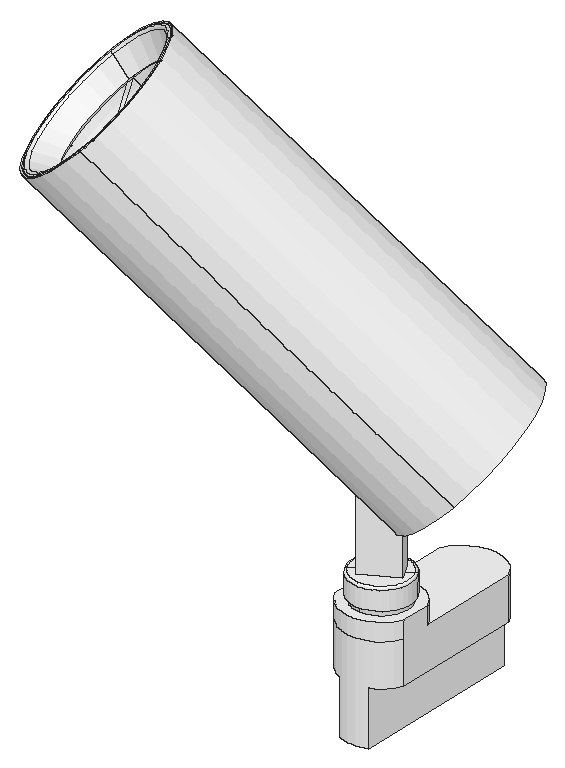
Revit family "0005430 Sylvania Lighting Fixture START Track Spot Integral 940 MB WB WHT", category Lighting Fixtures, host Face, Revit 2017
Family settings
  Host = Face
  Round Connector Dimension = Use Diameter
  Part Type = Normal
  OmniClass Number = 23.80.70.00
  OmniClass Title = Lighting
  Cut with Voids When Loaded = No
  Light Source = No
  Shared = No
  Room Calculation Point = No
Parameters (values of type "0005430 ST TRK SPT INTGRL 3000LM 940 MB WHT")
  Weight = "7.04 kg"
  Wattage Comments = ""
  WarrantyStartDate [instance] = "n/a"
  WarrantyGuarantorParts = "n/a"
  WarrantyDurationUnit = "n/a"
  WarrantyDurationParts = "n/a"
  WarrantyDescription = "n/a"
  Voltage = 230 V
  VerticalRotation_SYL [instance] = 60.00°
  VerticalEndAngle_SYL [instance] = VerticalRotation_SYL - 180.00°  # -120.00°
  URL = "http://www.sylvania-lighting.com"
  TypeName = "START Track Spot Integral 3000lm 940 MB WB WHT"
  TypeHead_SYL = START Track Spot Integral Head : 0005430 ST TRK SPT INTGRL 3000LM 940 MB WHT
  TypeArm_SYL = START Track Spot Integral Arm : START Track Spot Integral WH
  Type Image = <None>
  Type Comments = "n/a"
  SerialNumber [instance] = "n/a"
  Material_3_SYL = none
  PowerFactor = 0
  PowerConsumption = "33 W"
  NominalLength = 0 mm
  NominalHeight = 0 mm
  NominalDepth = 0 mm
  Name = "START Track Spot Integral 3000lm 940 MB WB WHT"
  ModelReference = Name  # "START Track Spot Integral 3000lm 940 MB WB WHT"
  ModelNumber = "0005430"
  Model = Name  # "START Track Spot Integral 3000lm 940 MB WB WHT"
  Material = "n/a"
  ManufacturerName = "Feilo Sylvania"
  Manufacturer = "Feilo Sylvania"
  LuminousEfficacy = "81.81 lm/W"
  LuminaireType = ""
  LightOutputRatio = "n/a"
  LampsType = Lamp  # "LED"
  LampNominalLuminous = "3000 lm"
  LampMacAdamStep = "3"
  LampColourTemperature = "4000"
  LampColourRenderingIndex = "90"
  Lamp = "LED"
  Keynote = "16500"
  InstallationDate [instance] = "n/a"
  InputVoltage = "220-240V~"
  InputNominalFrequency = "50/60 Hz"
  IngressProtection = "IP20"
  ImpactProtectionIndex = "IK03"
  IfcExportType = "IfcLightFixtureType"
  IfcExportAs = "IfcLightFixtureType"
  HorizontalRotation_SYL [instance] = 45.00°
  ExpectedLife = 50000
  ElectricShockClassification = "Class I"
  DurationUnit = "hours"
  DocumentationLiterature = "http://www.sylvania-lighting.com/product/en-int/products/0005430"
  DimmingControlOptions = "Non dimmable"
  Material_2_SYL = Spacer-Sylvania-StartTrackSpot-Aluminium
  Description = ""
  Default Elevation = 1219.2 mm
  CreatedOn = "9/6/2018"
  CreatedBy = ""
  Cost = 0
  built-in parameter 1114216 [instance] = (empty or 0)
  ClassificationValue = "EF_70_80"
  ClassificationName = "Uniclass2015"
  Material_1_SYL = Body-Sylvania-StartTrackSpot-White
  BarCode [instance] = "n/a"
  AssetType = "Fixed"
  AssetIdentifier [instance] = "n/a"
  Assembly Code = "D5020200"
  Apparent Load = 33 VA
  Material_4_SYL = none
Types (2, lengths in mm): name | TypeName | TypeHead_SYL | Name | ModelReference | Model | LuminousEfficacy | LampNominalLuminous
  0005430 ST TRK SPT INTGRL 3000LM 940 MB WHT | "START Track Spot Integral 3000lm 940 MB WB WHT" | START Track Spot Integral Head : 0005430 ST TRK SPT INTGRL 3000LM 940 MB WHT | "START Track Spot Integral 3000lm 940 MB WB WHT" | "START Track Spot Integral 3000lm 940 MB WB WHT" | "START Track Spot Integral 3000lm 940 MB WB WHT" | "81.81 lm/W" | "3000 lm"
  0005430 ST TRK SPT INTGRL 3100LM 940 WB WHT | "START Track Spot Integral 3100lm 940 MB WB WHT" | START Track Spot Integral Head : 0005430 ST TRK SPT INTGRL 3100LM 940 WB WHT | "START Track Spot Integral 3100lm 940 MB WB WHT" | "START Track Spot Integral 3100lm 940 MB WB WHT" | "START Track Spot Integral 3100lm 940 MB WB WHT" | "84.84 lm/W" | "3100 lm"
Reference planes
  plane 1 "Center (Front/Back)": y = 0
  plane 2: z = 0
  plane 3 "Center (Left/Right)": x = 0
  plane 4: x = 16.6
  plane 5: x = -16.6
  plane 6: x = 7
  plane 7: x = -7
  plane 8: x = -12.8
  plane 9: y = 42
  plane 10: y = 42
  plane 11: y = -42
  plane 12: y = 31.4
  plane 13: y = -31.4
  plane 14: z = -26
  plane 15: z = 20.3
  plane 16: z = 28.5
  plane 17: z = 31.2
  plane 18: y = -17.4
  plane 19: y = -6.8
  plane 20: y = -24.4
Forms (mm)
  Extrusion 1, solid, material "Body-Sylvania-StartTrackSpot-White" <- "Material_1_SYL"
    sketch origin (0, 0, 0) x (1, 0, 0) y (0, 1, 0)
      loop
        line (-16.6, 31.4) -> (-16.6, -31.4)
        arc (-16.6, -31.4) -> (0, -42) -> (16.6, -31.4) r 18.298
        line (16.6, -31.4) -> (16.6, 31.4)
        arc (16.6, 31.4) -> (0, 42) -> (-16.6, 31.4) r 18.298
    from -26 to 20.3
  Extrusion 2, void
    sketch origin (0, 0, 0) x (1, 0, 0) y (0, 1, 0)
      loop
        arc (-7, 40.608) -> (-12.666, 36.907) -> (-16.6, 31.4) r 18.298
        line (-16.6, 31.4) -> (-16.6, -31.4)
        arc (-16.6, -31.4) -> (-12.666, -36.907) -> (-7, -40.608) r 18.298
        line (-7, -40.608) -> (-7, 40.608)
      loop
        line (16.6, -31.4) -> (16.6, 31.4)
        arc (16.6, 31.4) -> (12.666, 36.907) -> (7, 40.608) r 18.298
        line (7, 40.608) -> (7, -40.608)
        arc (7, -40.608) -> (12.666, -36.907) -> (16.6, -31.4) r 18.298
    from 0 to -26
  Extrusion 3, solid, material "Body-Sylvania-StartTrackSpot-White" <- "Material_1_SYL"
    sketch origin (1223.4, -4572, 20.3) x (0, -1, 0) y (-1, 0, 0)
      loop
        line (-4540.6, 1240) -> (-4554.6, 1240)
        arc (-4554.6, 1240) -> (-4565.2, 1223.4) -> (-4554.6, 1206.8) r 18.298
        line (-4554.6, 1206.8) -> (-4540.6, 1206.8)
        arc (-4540.6, 1206.8) -> (-4530, 1223.4) -> (-4540.6, 1240) r 18.298
    from -8.2 to 0
  Extrusion 4, solid, material "Spacer-Sylvania-StartTrackSpot-Aluminium" <- "Material_2_SYL"
    sketch origin (1223.4, -4572, 28.5) x (0, -1, 0) y (-1, 0, 0)
      loop
        circle (-4547.6, 1223.4) r 12.7
    from 0 to -2.7
  Revolve 5, solid, not visible
    sketch origin (1524, -24.4, 1219.2) x (1, 0, 0) y (0, 0, 1)
      loop
        line (-1524, -1188) -> (-1524, -1168.735) -> (-1531, -1168.735) -> (-1531, -1188) -> (-1524, -1188)
      axis (-1524, -1168.735) -> (-1524, -1188)
    angle from 60 <- "VerticalRotation_SYL" to -120 <- "VerticalEndAngle_SYL"
Cuts and joins
  Extrusion 2 cuts Extrusion 1
  joined: Extrusion 1, Extrusion 3
Lines and regions (mm)
  reference lines
    curve 1: circle (0, -24.4, 0) r 12.7 normal (0, 0, 1)
    curve 2: arc (-16.6, -31.4, 0) -> (0, -42, 0) -> (16.6, -31.4, 0) r 18.298
    curve 3: arc (-16.6, -17.4, 0) -> (0, -6.8, 0) -> (16.6, -17.4, 0) r 18.298
    curve 4: arc (-16.6, 31.4, 0) -> (0, 42, 0) -> (16.6, 31.4, 0) r 18.298
Dimensions and locks
  plane 6 to plane 3 "Center (Left/Right)" to plane 7 = 7 mm locked, 7 mm locked
  plane 4 to plane 3 "Center (Left/Right)" to plane 5 = 16.6 mm locked, 16.6 mm locked
  locked: plane 3 "Center (Left/Right)" to plane 8 at 12.8
  plane 11 to plane 1 "Center (Front/Back)" to plane 10 = 42 mm locked, 42 mm locked
  plane 13 to plane 1 "Center (Front/Back)" to plane 12 = 31.4 mm locked, 31.4 mm locked
  locked: plane 2 to plane 14 at 26
  locked: plane 15 to plane 2 at 20.3
  plane 17 to plane 16 to plane 15 = 2.7 mm locked, 8.2 mm locked
  locked: plane 13 to plane 18 at 14
  locked: plane 18 to plane 19 at 10.6
  equal spacing: plane 13, plane 20, plane 18
  locked: plane 20 to curve 2 at 0.698
  locked: curve 3 to plane 20 at 0.698
  aligned and locked: plane 2 to host face
  aligned and locked: level to host face
  aligned and locked: plane 3 "Center (Left/Right)" to curve 1
  aligned and locked: plane 20 to curve 1
  aligned and locked: plane 13 to curve 2  (x2)
  aligned and locked: plane 18 to curve 3  (x2)
  aligned and locked: plane 12 to curve 4  (x2)
  aligned and locked: plane 4 to curve 4
  aligned and locked: plane 3 "Center (Left/Right)" to curve 4
  aligned and locked: plane 5 to curve 2
  aligned and locked: plane 5 to curve 3
  aligned and locked: plane 4 to curve 3
  aligned and locked: plane 4 to curve 2
  aligned and locked: plane 12 to Extrusion 1 sketch curve
  aligned and locked: plane 13 to Extrusion 1 sketch curve
  aligned and locked: Extrusion 1 sketch curve to curve 4
  aligned and locked: Extrusion 1 sketch curve to curve 2
  aligned and locked: Extrusion 1 to plane 15
  aligned and locked: plane 14 to Extrusion 1
  aligned and locked: Extrusion 2 sketch curve to Extrusion 1  (x5)
  aligned and locked: Extrusion 2 sketch curve to plane 7
  aligned and locked: plane 14 to Extrusion 2
  aligned and locked: level to Extrusion 2
  aligned and locked: Extrusion 3 sketch curve to cut or joined group of Extrusion 1, Extrusion 2, Extrusion 3  (x2)
  aligned and locked: Extrusion 3 sketch curve to curve 3
  aligned and locked: cut or joined group of Extrusion 1, Extrusion 2, Extrusion 3 to Extrusion 3 sketch curve
  aligned and locked: Extrusion 3 to plane 16
  aligned and locked: plane 15 to Extrusion 3
  aligned and locked: Extrusion 4 sketch curve to curve 1
  aligned and locked: Extrusion 4 to plane 17
  aligned and locked: plane 16 to Extrusion 4
  aligned and locked: Revolve 5 sketch curve to plane 3 "Center (Left/Right)"
  aligned and locked: Extrusion 4 to Revolve 5 sketch curve
  aligned and locked: Revolve 5 sketch curve to Extrusion 4
  aligned and locked: plane 17 to nested 1
Automatic sketch dimensions
  host sketch curve to host sketch curve = 2438.4 mm  (x2)
  plane 12 to curve 4 = 7.698 mm
  plane 12 to Extrusion 2 sketch curve = 0 mm
  Extrusion 2 sketch curve to Extrusion 2 sketch curve = 0 mm  (x2)
  Extrusion 2 sketch curve to plane 6 = 0 mm
  Revolve 5 sketch curve to plane 7 = 0 mm
  Revolve 5 sketch curve to Revolve 5 sketch curve = 19.265 mm
  plane 14 to Revolve 5 sketch curve = 583.6 mm
  Revolve 5 sketch curve to Revolve 5 sketch curve = 2558.594 mm
  radius of curve 1 = 12.7 mm
Nested families
  nested 1: "START Track Spot Integral Arm" at (0, -24.4, 31.2) x (0, 0, -1) z (0.866, 0.5, 0), type <- "TypeArm_SYL", HorizontalRotation_SYL <- "HorizontalRotation_SYL", type "START Track Spot Integral WH"
    with HorizontalRotation_SYL 45.00°, HorizontalEndAngle_SYL -135.00°
  nested 2: "START Track Spot Integral Head" at (18.677, -13.617, 104.767) x (-0.5, 0.866, 0) z (0.6124, 0.3536, -0.7071), type <- "TypeHead_SYL", type "0005430 ST TRK SPT INTGRL 3000LM 940 MB WHT"
    with built-in parameter 1114216 (empty or 0)
Connectors
  electrical at (0, 0, 0), driven by "Apparent Load", driven by "PowerFactor", driven by "Voltage"
    settings: index 1, voltage 230 V, apparent load 33 VA, apparent load phase1 0 VA, apparent load phase2 0 VA, apparent load phase3 0 VA, power factor 0, load classification "Lighting", number of poles 1, system type 30, power factor state 1, is connector primary yes, connector utility no, sub classification motor no, connector description ""
Definition of nested family "START Track Spot Integral Arm"
  Parameters (values of type "START Track Spot Integral WH")
    URL = "http://www.sylvania-lighting.com"
    Type Image = (empty or 0)
    Type Comments = "n/a"
    Material_3_SYL = none
    Model = ""
    Manufacturer = "Feilo Sylvania"
    Keynote = ""
    Material_2_SYL = none
    HorizontalRotation_SYL [instance] = 0.00°
    HorizontalEndAngle_SYL [instance] = HorizontalRotation_SYL - 180.00°  # -180.00°
    Description = ""
    Default Elevation = 1219.2 mm
    Cost = 0
    Material_1_SYL = none
    Assembly Code = ""
    Material_4_SYL = none
  Types (2): name
    START Track Spot Integral WH
    START Track Spot Integral BL
  Reference planes
    plane 1 "Center (Front/Back)": y = 0
    plane 2: z = 0
    plane 3 "Center (Left/Right)": x = 0
    plane 4: x = -10
    plane 5: z = -14
    plane 6: z = -14
    plane 7: z = 14
    plane 8: x = -52
    plane 9: z = 9
    plane 10: z = -9
    plane 11: x = -60
    plane 12: y = 4.5
    plane 13: y = -4.5
    plane 14: x = -9
    plane 15: z = 13
    plane 16: z = 4
    plane 17: z = -4
    plane 18: x = -55
  Forms (mm)
    Extrusion 1, solid
      sketch origin (4.2, 0, 0) x (1, 0, 0) y (0, 1, 0)
        loop
          line (-1219.2, 1219.2) -> (-1219.2, -1219.2) -> (1219.2, -1219.2) -> (1219.2, 1219.2) -> (-1219.2, 1219.2)
      from 0 to -68.017
    Revolve 2, solid, material <- "Material_1_SYL"
      sketch origin (0, 0, 0) x (1, 0, 0) y (0, 0, 1)
        loop
          line (0, 0) -> (0, 14) -> (-9, 14)
          arc (-9, 14) -> (-9.707, 13.707) -> (-10, 13) r 1
          line (-10, 13) -> (-10, 0) -> (0, 0)
        axis (-10, 0) -> (0, 0)
      angle from 360 to 0
    Extrusion 3, solid, material <- "Material_1_SYL"
      sketch origin (0, 0, 0) x (1, 0, 0) y (0, 0, 1)
        loop
          line (-10, 9) -> (-55, 9)
          arc (-55, 9) -> (-58.536, 7.536) -> (-60, 4) r 5
          line (-60, 4) -> (-60, -4)
          arc (-60, -4) -> (-58.536, -7.536) -> (-55, -9) r 5
          line (-55, -9) -> (-10, -9) -> (-10, 9)
      from -4.5 to 4.5
    Revolve 4, solid, not visible
      sketch origin (-52, -4572, 2609.058) x (0, 0, 1) y (0, -1, 0)
        loop
          line (-2609.058, -4553.46) -> (-2609.058, -4590.54) -> (-2605.058, -4590.54) -> (-2605.058, -4553.46) -> (-2609.058, -4553.46)
        axis (-2609.058, -4553.46) -> (-2609.058, -4590.54)
      angle from 0 <- "HorizontalRotation_SYL" to -180 <- "HorizontalEndAngle_SYL"
  Dimensions and locks
    locked: plane 3 "Center (Left/Right)" to plane 4 at 10
    plane 7 to plane 2 to plane 6 = 14 mm locked, 14 mm locked
    locked: plane 4 to plane 8 at 42
    plane 13 to plane 1 "Center (Front/Back)" to plane 12 = 4.5 mm locked, 4.5 mm locked
    locked: plane 14 to plane 4 at 1
    locked: plane 7 to plane 15 at 1
    locked: plane 9 to plane 16 at 5
    locked: plane 17 to plane 10 at 5
    equal spacing: Revolve 4 sketch curve, plane 1 "Center (Front/Back)", Revolve 4 sketch curve
    locked: Revolve 4 sketch curve to plane 1 "Center (Front/Back)" at 18.54
    locked: plane 18 to plane 11 at 5
    locked: plane 4 to plane 11 at 50
    aligned and locked: plane 2 to Extrusion 1
    aligned and locked: level to Extrusion 1
    aligned and locked: level to Revolve 2 sketch curve  (x2)
    aligned and locked: plane 3 "Center (Left/Right)" to Revolve 2 sketch curve
    aligned and locked: Revolve 2 sketch curve to plane 7
    aligned and locked: plane 4 to Revolve 2 sketch curve
    aligned and locked: plane 15 to Revolve 2 sketch curve
    aligned and locked: plane 14 to Revolve 2 sketch curve
    aligned and locked: Revolve 2 sketch curve to plane 2
    aligned and locked: Extrusion 3 sketch curve to plane 9
    aligned and locked: plane 4 to Extrusion 3 sketch curve
    aligned and locked: plane 10 to Extrusion 3 sketch curve
    aligned and locked: Extrusion 3 sketch curve to plane 11
    aligned and locked: plane 13 to Extrusion 3
    aligned and locked: Extrusion 3 to plane 12
    aligned and locked: plane 16 to Extrusion 3 sketch curve
    aligned and locked: plane 17 to Extrusion 3 sketch curve
    aligned and locked: Revolve 4 sketch curve to level
    aligned and locked: Revolve 4 sketch curve to plane 16
    aligned and locked: Revolve 4 sketch curve to plane 2
    aligned and locked: plane 18 to Extrusion 3 sketch curve  (x2)
Definition of nested family "START Track Spot Integral Head"
  Parameters (values of type "0005432 ST TRK SPT INTGRL 5000LM 940 WB WHT")
    WidthCutOut_SYL = 9.5 mm  # constant formula
    Wattage Comments = "n/a"
    Wattage = 55 W
    built-in parameter 1150110 = 1 (stored number, unit not read)
    URL = "http://www.sylvania-lighting.com"
    Type Image = (empty or 0)
    Type Comments = "n/a"
    built-in parameter 1114217 = 1 (stored number, unit not read)
    Tilt Angle = 90.00°
    built-in parameter 1150109 = 1 (stored number, unit not read)
    built-in parameter 1150134 = 12
    built-in parameter 1150113 = 1 (stored number, unit not read)
    S_SYL = no
    RadiusLensOut_SYL = if(S_SYL, 21 mm, if(M_SYL, 30.5 mm, 33 mm))  # 33 mm
    RadiusLensHolder_SYL = 1.8 mm  # constant formula
    RadiusHead_SYL = if(S_SYL, 30 mm, if(M_SYL, 40 mm, 45.5 mm))  # 45.5 mm
    RadiusEmission_SYL = if(S_SYL, 8 mm, if(M_SYL, 16.5 mm, 16.5 mm))  # 16.5 mm
    Photometric Web File = "0005432 WB.ies"
    Material_3_SYL = none
    Model = "ST TRK SPT INTGRL 5000LM 940 WB WHT"
    Manufacturer = "Feilo Sylvania"
    M_SYL = no
    built-in parameter 1150105 = 397.89 (stored number, unit not read)
    Lumens = 5000 lm
    built-in parameter 1150115 = 1 (stored number, unit not read)
    built-in parameter 1150137 = (empty or 0)
    built-in parameter 1150139 = (empty or 0)
    built-in parameter 1150112 = 1 (stored number, unit not read)
    built-in parameter 1150114 = 1 (stored number, unit not read)
    Lamp = "LED"
    Keynote = "16500"
    Material_2_SYL = none
    built-in parameter 1150132 = (empty or 0)
    built-in parameter 1150102 = (empty or 0)
    built-in parameter 1150107 = 4000 (stored number, unit not read)
    built-in parameter 1150138 = (empty or 0)
    built-in parameter 1150106 = 3.9789 (stored number, unit not read)
    Height_SYL = if(S_SYL, 160 mm, if(M_SYL, 200 mm, 215 mm))  # 215 mm
    Emit from Circle Diameter = RadiusLensOut_SYL * 2  # 66 mm
    Emit Shape Visible in Rendering = no
    built-in parameter 1150104 = 8.4457 (stored number, unit not read)
    DistRotateAxisY_SYL = 16.8 mm  # constant formula
    Dimming Lamp Color Temperature Shift = (empty or 0)
    Description = ""
    DepthLens_SYL = 1.25 * (RadiusHead_SYL - 1 mm - RadiusLensOut_SYL)  # 14.375 mm
    DepthEmission_SYL = Height_SYL / 6.4  # 33.594 mm
    DepthCutOut_SYL = WidthCutOut_SYL * 2  # 19 mm
    Default Elevation = 1219.2 mm
    Cost = 0
    Color Filter = 16777215
    built-in parameter 1114216 [instance] = (empty or 0)
    Material_1_SYL = none
    built-in parameter 1114218 = 1 (stored number, unit not read)
    built-in parameter 1150133 = 10 (stored number, unit not read)
    Assembly Code = "D5020200"
    Apparent Load = 55 VA
    Material_4_SYL = none
  Types (24, lengths in mm): name | Wattage | built-in parameter 1150134 | S_SYL | RadiusLensOut_SYL | RadiusHead_SYL | RadiusEmission_SYL | Photometric Web File | Model | M_SYL | built-in parameter 1150105 | Lumens | built-in parameter 1150107 | built-in parameter 1150106 | Height_SYL | Emit from Circle Diameter | built-in parameter 1150104 | DepthLens_SYL | DepthEmission_SYL | Apparent Load
    0005433 ST TRK SPT INTGRL 5000LM 940 WB BLK | 55 W | 12 | no | 33 | 45.5 | 16.5 | "0005433 WB.ies" | "ST TRK SPT INTGRL 5000LM 940 WB BLK" | no | 397.89 (stored number, unit not read) | 5000 lm | 4000 (stored number, unit not read) | 3.9789 (stored number, unit not read) | 215 | 66 | 8.4457 (stored number, unit not read) | 14.375 | 33.594 | 55 VA
    0005433 ST TRK SPT INTGRL 5000LM 940 MB BLK | 55 W | 12 | no | 33 | 45.5 | 16.5 | "0005433 MB.ies" | "ST TRK SPT INTGRL 5000LM 940 MB BLK" | no | 397.89 (stored number, unit not read) | 5000 lm | 4000 (stored number, unit not read) | 3.9789 (stored number, unit not read) | 215 | 66 | 8.4457 (stored number, unit not read) | 14.375 | 33.594 | 55 VA
    0005432 ST TRK SPT INTGRL 5000LM 940 WB WHT | 55 W | 12 | no | 33 | 45.5 | 16.5 | "0005432 WB.ies" | "ST TRK SPT INTGRL 5000LM 940 WB WHT" | no | 397.89 (stored number, unit not read) | 5000 lm | 4000 (stored number, unit not read) | 3.9789 (stored number, unit not read) | 215 | 66 | 8.4457 (stored number, unit not read) | 14.375 | 33.594 | 55 VA
    0005432 ST TRK SPT INTGRL 5000LM 940 MB WHT | 55 W | 12 | no | 33 | 45.5 | 16.5 | "0005432 MB.ies" | "ST TRK SPT INTGRL 5000LM 940 MB WHT" | no | 397.89 (stored number, unit not read) | 5000 lm | 4000 (stored number, unit not read) | 3.9789 (stored number, unit not read) | 215 | 66 | 8.4457 (stored number, unit not read) | 14.375 | 33.594 | 55 VA
    0005431 ST TRK SPT INTGRL 3000LM 940 WB BLK | 33 W | 12 | no | 30.5 | 40 | 16.5 | "0005431 WB.ies" | "ST TRK SPT INTGRL 3000LM 940 WB BLK" | yes | 238.73 (stored number, unit not read) | 3000 lm | 4000 (stored number, unit not read) | 2.3873 (stored number, unit not read) | 200 | 61 | 8.4457 (stored number, unit not read) | 10.625 | 31.25 | 33 VA
    0005431 ST TRK SPT INTGRL 3000LM 940 MB BLK | 33 W | 12 | no | 30.5 | 40 | 16.5 | "0005431 MB.ies" | "ST TRK SPT INTGRL 3000LM 940 MB BLK" | yes | 238.73 (stored number, unit not read) | 3000 lm | 4000 (stored number, unit not read) | 2.3873 (stored number, unit not read) | 200 | 61 | 8.4457 (stored number, unit not read) | 10.625 | 31.25 | 33 VA
    0005430 ST TRK SPT INTGRL 3000LM 940 WB WHT | 33 W | 12 | no | 30.5 | 40 | 16.5 | "0005430 WB.ies" | "ST TRK SPT INTGRL 3000LM 940 WB WHT" | yes | 238.73 (stored number, unit not read) | 3000 lm | 4000 (stored number, unit not read) | 2.3873 (stored number, unit not read) | 200 | 61 | 8.4457 (stored number, unit not read) | 10.625 | 31.25 | 33 VA
    0005430 ST TRK SPT INTGRL 3000LM 940 MB WHT | 33 W | 12 | no | 30.5 | 40 | 16.5 | "0005430 MB.ies" | "ST TRK SPT INTGRL 3000LM 940 MB WHT" | yes | 238.73 (stored number, unit not read) | 3000 lm | 4000 (stored number, unit not read) | 2.3873 (stored number, unit not read) | 200 | 61 | 8.4457 (stored number, unit not read) | 10.625 | 31.25 | 33 VA
    0005429 ST TRK SPT INTGRL 1500LM 940 WB BLK | 17 W | 12 | yes | 21 | 30 | 8 | "0005429 WB.ies" | "ST TRK SPT INTGRL 1500LM 940 WB BLK" | no | 119.37 (stored number, unit not read) | 1500 lm | 4000 (stored number, unit not read) | 1.1937 (stored number, unit not read) | 160 | 42 | 8.1973 (stored number, unit not read) | 10 | 25 | 17 VA
    0005429 ST TRK SPT INTGRL 1500LM 940 MB BLK | 17 W | 12 | yes | 21 | 30 | 8 | "0005429 MB.ies" | "ST TRK SPT INTGRL 1500LM 940 MB BLK" | no | 119.37 (stored number, unit not read) | 1500 lm | 4000 (stored number, unit not read) | 1.1937 (stored number, unit not read) | 160 | 42 | 8.1973 (stored number, unit not read) | 10 | 25 | 17 VA
    0005428 ST TRK SPT INTGRL 1500LM 940 WB WHT | 17 W | 12 | yes | 21 | 30 | 8 | "0005428 WB.ies" | "ST TRK SPT INTGRL 1500LM 940 WB WHT" | no | 119.37 (stored number, unit not read) | 1500 lm | 4000 (stored number, unit not read) | 1.1937 (stored number, unit not read) | 160 | 42 | 8.1973 (stored number, unit not read) | 10 | 25 | 17 VA
    0005428 ST TRK SPT INTGRL 1500LM 940 MB WHT | 17 W | 12 | yes | 21 | 30 | 8 | "0005428 MB.ies" | "ST TRK SPT INTGRL 1500LM 940 MB WHT" | no | 119.37 (stored number, unit not read) | 1500 lm | 4000 (stored number, unit not read) | 1.1937 (stored number, unit not read) | 160 | 42 | 8.1973 (stored number, unit not read) | 10 | 25 | 17 VA
    0005427 ST TRK SPT INTGRL 4500LM 930 WB BLK | 55 W | (empty or 0) | no | 33 | 45.5 | 16.5 | "0005427 WB.ies" | "ST TRK SPT INTGRL 4500LM 930 WB BLK" | no | 358.1 (stored number, unit not read) | 4500 lm | 3000 (stored number, unit not read) | 3.581 (stored number, unit not read) | 215 | 66 | 7.6012 (stored number, unit not read) | 14.375 | 33.594 | 55 VA
    0005427 ST TRK SPT INTGRL 4500LM 930 MB BLK | 55 W | (empty or 0) | no | 33 | 45.5 | 16.5 | "0005427 MB.ies" | "ST TRK SPT INTGRL 4500LM 930 MB BLK" | no | 358.1 (stored number, unit not read) | 4500 lm | 3000 (stored number, unit not read) | 3.581 (stored number, unit not read) | 215 | 66 | 7.6012 (stored number, unit not read) | 14.375 | 33.594 | 55 VA
    0005426 ST TRK SPT INTGRL 4500LM 930 WB WHT | 55 W | (empty or 0) | no | 33 | 45.5 | 16.5 | "0005426 WB.ies" | "ST TRK SPT INTGRL 4500LM 930 WB WHT" | no | 358.1 (stored number, unit not read) | 4500 lm | 3000 (stored number, unit not read) | 3.581 (stored number, unit not read) | 215 | 66 | 7.6012 (stored number, unit not read) | 14.375 | 33.594 | 55 VA
    0005426 ST TRK SPT INTGRL 4500LM 930 MB WHT | 55 W | (empty or 0) | no | 33 | 45.5 | 16.5 | "0005426 MB.ies" | "ST TRK SPT INTGRL 4500LM 930 MB WHT" | no | 358.1 (stored number, unit not read) | 4500 lm | 3000 (stored number, unit not read) | 3.581 (stored number, unit not read) | 215 | 66 | 7.6012 (stored number, unit not read) | 14.375 | 33.594 | 55 VA
    0005425 ST TRK SPT INTGRL 2700LM 930 WB BLK | 33 W | (empty or 0) | no | 30.5 | 40 | 16.5 | "0005425 WB.ies" | "ST TRK SPT INTGRL 2700LM 930 WB BLK" | yes | 214.86 (stored number, unit not read) | 2700 lm | 3000 (stored number, unit not read) | 2.1486 (stored number, unit not read) | 200 | 61 | 7.6012 (stored number, unit not read) | 10.625 | 31.25 | 33 VA
    0005425 ST TRK SPT INTGRL 2700LM 930 MB BLK | 33 W | (empty or 0) | no | 30.5 | 40 | 16.5 | "0005425 MB.ies" | "ST TRK SPT INTGRL 2700LM 930 MB BLK" | yes | 214.86 (stored number, unit not read) | 2700 lm | 3000 (stored number, unit not read) | 2.1486 (stored number, unit not read) | 200 | 61 | 7.6012 (stored number, unit not read) | 10.625 | 31.25 | 33 VA
    0005424 ST TRK SPT INTGRL 2700LM 930 WB WHT | 33 W | (empty or 0) | no | 30.5 | 40 | 16.5 | "0005424 WB.ies" | "ST TRK SPT INTGRL 2700LM 930 WB WHT" | yes | 214.86 (stored number, unit not read) | 2700 lm | 3000 (stored number, unit not read) | 2.1486 (stored number, unit not read) | 200 | 61 | 7.6012 (stored number, unit not read) | 10.625 | 31.25 | 33 VA
    0005424 ST TRK SPT INTGRL 2700LM 930 MB WHT | 33 W | (empty or 0) | no | 30.5 | 40 | 16.5 | "0005424 MB.ies" | "ST TRK SPT INTGRL 2700LM 930 MB WHT" | yes | 214.86 (stored number, unit not read) | 2700 lm | 3000 (stored number, unit not read) | 2.1486 (stored number, unit not read) | 200 | 61 | 7.6012 (stored number, unit not read) | 10.625 | 31.25 | 33 VA
    0005423 ST TRK SPT INTGRL 1360LM 930 WB BLK | 17 W | (empty or 0) | yes | 21 | 30 | 8 | "0005423 WB.ies" | "ST TRK SPT INTGRL 1360LM 930 WB BLK" | no | 108.23 (stored number, unit not read) | 1360 lm | 3000 (stored number, unit not read) | 1.0823 (stored number, unit not read) | 160 | 42 | 7.4322 (stored number, unit not read) | 10 | 25 | 17 VA
    0005423 ST TRK SPT INTGRL 1360LM 930 MB BLK | 17 W | (empty or 0) | yes | 21 | 30 | 8 | "0005423 MB.ies" | "ST TRK SPT INTGRL 1360LM 930 MB BLK" | no | 108.23 (stored number, unit not read) | 1360 lm | 3000 (stored number, unit not read) | 1.0823 (stored number, unit not read) | 160 | 42 | 7.4322 (stored number, unit not read) | 10 | 25 | 17 VA
    0005422 ST TRK SPT INTGRL 1360LM 930 WB WHT | 17 W | (empty or 0) | yes | 21 | 30 | 8 | "0005422 WB.ies" | "ST TRK SPT INTGRL 1360LM 930 WB WHT" | no | 108.23 (stored number, unit not read) | 1360 lm | 3000 (stored number, unit not read) | 1.0823 (stored number, unit not read) | 160 | 42 | 7.4322 (stored number, unit not read) | 10 | 25 | 17 VA
    0005422 ST TRK SPT INTGRL 1360LM 930 MB WHT | 17 W | (empty or 0) | yes | 21 | 30 | 8 | "0005422 MB.ies" | "ST TRK SPT INTGRL 1360LM 930 MB WHT" | no | 108.23 (stored number, unit not read) | 1360 lm | 3000 (stored number, unit not read) | 1.0823 (stored number, unit not read) | 160 | 42 | 7.4322 (stored number, unit not read) | 10 | 25 | 17 VA
  Reference planes
    plane 1 "Center (Front/Back)": y = 0
    plane 2: z = 0
    plane 3 "Center (Left/Right)": x = 0
    plane 4: x = 45.5
    plane 5: z = 16.8
    plane 6: z = -198.2
    plane 7: x = 44.5
    plane 8: x = 33
    plane 9: x = 16.5
    plane 10: z = -183.825
    plane 11: z = -164.606
    plane 12: z = -11.2
    plane 13: x = 43.5
    plane 14: x = 38.25
    plane 15: z = -181.825
    plane 16: z = -162.606
    plane 17: z = -1
    plane 18: x = 4.75
    plane 19: x = -4.75
    plane 20: y = -45.5
    plane 21: y = -26.5
    plane 22: x = 42.5
    plane 23: y = -36
  Forms (mm)
    Extrusion 1, solid
      sketch origin (4.2, 0, 0) x (1, 0, 0) y (0, 1, 0)
        loop
          line (-1219.2, 1219.2) -> (-1219.2, -1219.2) -> (1219.2, -1219.2) -> (1219.2, 1219.2) -> (-1219.2, 1219.2)
      from 0 to -68.017
    Revolve 2, solid, material <- "Material_1_SYL"
      sketch origin (0, 0, 0) x (1, 0, 0) y (0, 0, 1)
        loop
          line (45.5, -198.2) -> (45.5, 16.8) -> (44.5, 16.8) -> (44.5, -198.2) -> (45.5, -198.2)
        axis (0, 16.8) -> (0, -198.2)
      angle from 360 to 0
    Revolve 3, solid, material <- "Material_1_SYL"
      sketch origin (0, 0, 0) x (1, 0, 0) y (0, 0, 1)
        loop
          line (44.5, 16.8) -> (43.5, 16.8)
          arc (43.5, 16.8) -> (38.25, 15.673) -> (33, 16.8) r 12.796
          line (33, 16.8) -> (0, 16.8) -> (0, -11.2) -> (44.5, -11.2) -> (44.5, 16.8)
        axis (0, 16.8) -> (0, -11.2)
      angle from 360 to 0
    Revolve 4, solid, material <- "Material_2_SYL"
      sketch origin (0, 0, 0) x (1, 0, 0) y (0, 0, 1)
        loop
          line (44.5, -181.825) -> (0, -181.825) -> (0, -183.825) -> (44.5, -183.825) -> (44.5, -181.825)
        axis (0, -181.825) -> (0, -183.825)
      angle from 360 to 0
    Revolve 5, solid
      sketch origin (0, 0, 0) x (1, 0, 0) y (0, 0, 1)
        loop
          line (0, -164.606) -> (16.5, -164.606)
          arc (16.5, -164.606) -> (30.37, -169.432) -> (38.25, -181.825) r 22.346
          line (38.25, -181.825) -> (44.5, -181.825) -> (44.5, -162.606) -> (0, -162.606) -> (0, -164.606)
        axis (0, -162.606) -> (0, -181.825)
      angle from 360 to 0
    Extrusion 6, void
      sketch origin (1524, -45.5, 1219.2) x (-1, 0, 0) y (0, 0, 1)
        loop
          line (1528.75, -1230.4) -> (1528.75, -1202.4) -> (1519.25, -1202.4) -> (1519.25, -1230.4) -> (1528.75, -1230.4)
      from 0 to 19
    Revolve 7, solid, material <- "Material_1_SYL"
      sketch origin (0, 0, 0) x (1, 0, 0) y (0, 0, 1)
        loop
          line (33, -183.825) -> (42.006, -197.453)
          arc (42.006, -197.453) -> (42.534, -197.999) -> (43.267, -198.2) r 1.437
          line (43.267, -198.2) -> (44.5, -198.2) -> (44.5, -183.825) -> (33, -183.825)
        axis (0, -183.825) -> (0, -198.2)
      angle from 360 to 0
  Cuts and joins
    Extrusion 6 cuts Revolve 3
    Extrusion 6 cuts Revolve 2
  Lines and regions (mm)
    reference lines
      curve 1: arc (33, 0, 16.8) -> (38.25, 0, 15.673) -> (43.5, 0, 16.8) r 12.796
      curve 2: line (33, 0, -183.825) -> (42.5, 0, -198.2)
  Dimensions and locks
    "RadiusHead_SYL": plane 4 to plane 3 "Center (Left/Right)"
    "DistRotateAxisY_SYL": plane 5 to plane 2
    "Height_SYL": plane 5 to plane 6
    locked: plane 4 to plane 7 at 1
    "RadiusLensOut_SYL": plane 8 to plane 3 "Center (Left/Right)"
    "RadiusEmission_SYL": plane 9 to plane 3 "Center (Left/Right)"
    "DepthLens_SYL": plane 10 to plane 6
    "DepthEmission_SYL": plane 11 to plane 6
    locked: plane 5 to plane 12 at 28
    locked: plane 4 to plane 13 at 2
    equal spacing: plane 13, plane 14, plane 8
    locked: plane 5 to curve 1 at 1.127
    locked: plane 15 to plane 10 at 2
    locked: plane 16 to plane 11 at 2
    locked: plane 2 to plane 17 at 1
    equal spacing: plane 18, plane 3 "Center (Left/Right)", plane 19
    "WidthCutOut_SYL": plane 18 to plane 19
    "RadiusHead_SYL": plane 20 to plane 1 "Center (Front/Back)"
    "DepthCutOut_SYL": plane 20 to plane 21
    locked: plane 4 to plane 22 at 3
    equal spacing: plane 20, plane 23, plane 21
    aligned and locked: plane 2 to Extrusion 1
    aligned and locked: level to Extrusion 1
    aligned and locked: plane 8 to curve 1
    aligned and locked: plane 13 to curve 1
    aligned and locked: plane 14 to curve 1
    aligned and locked: plane 5 to curve 1
    aligned and locked: Revolve 2 sketch curve to plane 3 "Center (Left/Right)"
    aligned and locked: Revolve 2 sketch curve to plane 6
    aligned and locked: Revolve 2 sketch curve to plane 4
    aligned and locked: plane 5 to Revolve 2 sketch curve
    aligned and locked: plane 7 to Revolve 2 sketch curve
    aligned and locked: Revolve 3 sketch curve to plane 3 "Center (Left/Right)"
    aligned and locked: Revolve 3 sketch curve to Revolve 2  (x3)
    aligned and locked: Revolve 3 sketch curve to plane 12
    aligned and locked: plane 3 "Center (Left/Right)" to Revolve 3 sketch curve
    aligned and locked: Revolve 3 sketch curve to curve 1
    aligned and locked: plane 5 to Revolve 3 sketch curve
    aligned and locked: Revolve 4 sketch curve to plane 3 "Center (Left/Right)"  (x2)
    aligned and locked: Revolve 4 sketch curve to plane 15
    aligned and locked: plane 7 to Revolve 4 sketch curve
    aligned and locked: Revolve 5 sketch curve to plane 3 "Center (Left/Right)"  (x2)
    aligned and locked: plane 3 "Center (Left/Right)" to Revolve 5 sketch curve
    aligned and locked: plane 9 to Revolve 5 sketch curve
    aligned and locked: plane 11 to Revolve 5 sketch curve
    aligned and locked: plane 14 to Revolve 5 sketch curve
    aligned and locked: plane 15 to Revolve 5 sketch curve
    aligned and locked: plane 12 to Extrusion 6 sketch curve
    aligned and locked: Extrusion 6 sketch curve to plane 19
    aligned and locked: Extrusion 6 sketch curve to plane 5
    aligned and locked: plane 18 to Extrusion 6 sketch curve
    aligned and locked: Extrusion 6 to plane 21
    aligned and locked: plane 20 to Extrusion 6
    aligned and locked: plane 10 to curve 2
    aligned and locked: plane 22 to curve 2
    aligned and locked: Revolve 7 sketch curve to plane 3 "Center (Left/Right)"
    aligned and locked: plane 10 to Revolve 7 sketch curve
    aligned and locked: Revolve 7 sketch curve to Revolve 4
    aligned and locked: Revolve 7 sketch curve to curve 2
    aligned and locked: plane 3 "Center (Left/Right)" to imposter light
    aligned and locked: imposter light to plane 1 "Center (Front/Back)"
    aligned and locked: imposter light to plane 10
  Automatic sketch dimensions
    Extrusion 1 sketch curve to Extrusion 1 sketch curve = 2438.4 mm  (x2)
    plane 6 to Revolve 2 sketch curve = 487.1 mm
    Revolve 2 sketch curve to plane 5 = 2571.558 mm
    plane 6 to Revolve 3 sketch curve = 487.1 mm
    Revolve 3 sketch curve to Revolve 3 sketch curve = 2566.685 mm
    plane 6 to Revolve 4 sketch curve = 487.1 mm
    Revolve 4 sketch curve to plane 5 = 2571.558 mm
    Revolve 5 sketch curve to plane 11 = 2 mm
    plane 6 to Revolve 5 sketch curve = 487.1 mm
    Revolve 5 sketch curve to plane 5 = 2571.558 mm
    Revolve 5 sketch curve to plane 7 = 0 mm
    Revolve 4 sketch curve to plane 10 = 0 mm
    curve 2 to plane 8 = 0 mm
    curve 1 to plane 14 = 0 mm
    curve 2 to plane 6 = 0 mm
    curve 1 to plane 13 = 0 mm
    Revolve 7 sketch curve to plane 6 = 0 mm
    Revolve 7 sketch curve to plane 22 = 0.494 mm
    Revolve 7 sketch curve to plane 13 = 0.233 mm
    plane 6 to Revolve 7 sketch curve = 474.6 mm
    Revolve 7 sketch curve to plane 5 = 2584.058 mm
